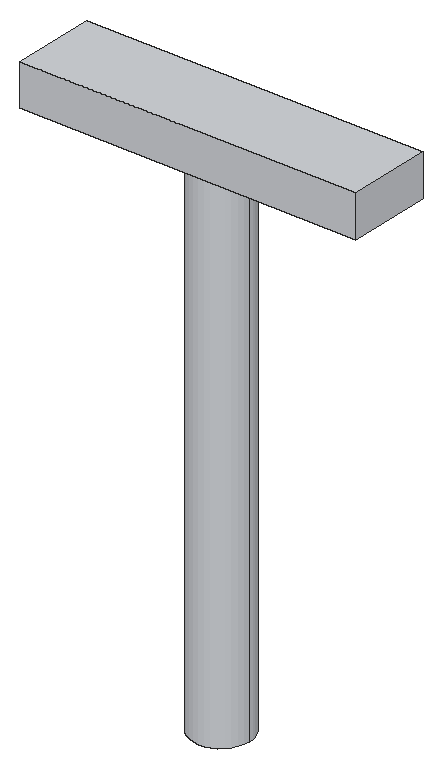
Revit family "BELT SUPPORT", category Generic Models, Revit 2024
Family settings
  Can host rebar = No
  Round Connector Dimension = Use Diameter
  Part Type = Normal
  Work Plane-Based = No
  Always vertical = Yes
  Cut with Voids When Loaded = No
  Maintain Annotation Orientation = No
  Shared = No
  Room Calculation Point = No
Parameters
  Default Elevation = 0.000 m
Reference planes (m)
  plane 1 "Center (Front/Back)": y = 0
  plane 2: z = 0
  plane 3 "Center (Left/Right)": x = 0
  plane 4: z = 1
Forms (m)
  Extrusion 1, solid
    sketch origin (0, 0, 0) x (1, 0, 0) y (0, 0, 1)
      loop
        line (0.3, 1) -> (-0.3, 1) -> (-0.3, 0.925) -> (0.3, 0.925) -> (0.3, 1)
    from -0.075009 to 0.075009
  Extrusion 2, solid
    sketch origin (0, 0, 0) x (1, 0, 0) y (0, 1, 0)
      loop
        circle (0, 0) r 0.0508
    from 0 to 0.925
Dimensions and locks (m)
  plane 4 to level = 1.000 m
  Extrusion 1 sketch curve to Extrusion 1 sketch curve = 0.075 m
  aligned and locked: plane 2 to level
